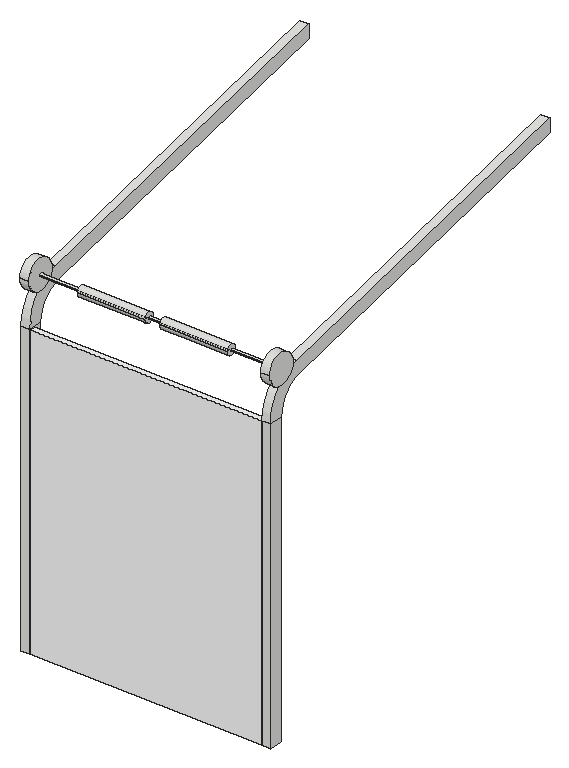
Revit family "Welterweight-XLT-312P", category Generic Models, host Wall, Revit 2026
Family settings
  Host = Wall
  Can host rebar = No
  Round Connector Dimension = Use Diameter
  Part Type = Normal
  Always vertical = Yes
  Cut with Voids When Loaded = Yes
  Maintain Annotation Orientation = No
  Shared = No
  Room Calculation Point = No
Parameters (values of type "8' x 10'")
  VerticalTrack = TrackHeight - (1' 6")  # 10' - 0"
  Type Comments = "Insulated"  # constant formula
  TrackWidth = 0' - 3 1/2"
  TrackHeight = OpeningHeight + HeadRoom  # 11' - 6"
  TrackDepth = 0' - 5 3/8"
  PanelSize = 2' - 0"  # constant formula
  OpeningWidth = 8' - 0"
  OpeningHeight = 10' - 0"
  Model = "Welterweight"  # constant formula
  Manufacturer = "TKO"  # constant formula
  HorizTrack = OpeningHeight - HeadRoom + 2' 0"  # 10' - 6"
  HeadRoom = 1' - 6"  # constant formula
  DoorThk = 0' - 2"  # constant formula
  Description = "Sectional Door"  # constant formula
  Default Elevation = 0' - 0"
Types (16): name | VerticalTrack | TrackHeight | TrackDepth | OpeningWidth | OpeningHeight | HorizTrack
  (no name) | 10' - 0" | 11' - 6" | 0' - 5 3/8" | 8' - 0" | 10' - 0" | 10' - 6"
  8' x 10' | 10' - 0" | 11' - 6" | 0' - 5 3/8" | 8' - 0" | 10' - 0" | 10' - 6"
  9' x 10' | 10' - 0" | 11' - 6" | 0' - 5 3/8" | 9' - 0" | 10' - 0" | 10' - 6"
  10' x 10' | 10' - 0" | 11' - 6" | 0' - 5 3/8" | 10' - 0" | 10' - 0" | 10' - 6"
  10' x 11' | 11' - 0" | 12' - 6" | 0' - 5 5/8" | 10' - 0" | 11' - 0" | 11' - 6"
  9' x 11' | 11' - 0" | 12' - 6" | 0' - 5 3/8" | 9' - 0" | 11' - 0" | 11' - 6"
  8' x 11' | 11' - 0" | 12' - 6" | 0' - 5 3/8" | 8' - 0" | 11' - 0" | 11' - 6"
  10' x 12' | 12' - 0" | 13' - 6" | 0' - 5 3/8" | 10' - 0" | 12' - 0" | 12' - 6"
  8' x 12' | 12' - 0" | 13' - 6" | 0' - 5 3/8" | 8' - 0" | 12' - 0" | 12' - 6"
  9' x 12' | 12' - 0" | 13' - 6" | 0' - 5 3/8" | 9' - 0" | 12' - 0" | 12' - 6"
  10' x 8' | 8' - 0" | 9' - 6" | 0' - 5 3/8" | 10' - 0" | 8' - 0" | 8' - 6"
  10' x 9' | 9' - 0" | 10' - 6" | 0' - 5 3/8" | 10' - 0" | 9' - 0" | 9' - 6"
  8' x 9' | 9' - 0" | 10' - 6" | 0' - 5 3/8" | 8' - 0" | 9' - 0" | 9' - 6"
  8' x 8' | 8' - 0" | 9' - 6" | 0' - 5 3/8" | 8' - 0" | 8' - 0" | 8' - 6"
  9' x 9' | 9' - 0" | 10' - 6" | 0' - 5 3/8" | 9' - 0" | 9' - 0" | 9' - 6"
  9' x 8' | 9' - 0" | 10' - 6" | 0' - 5 3/8" | 9' - 0" | 9' - 0" | 9' - 6"
Reference planes (in)
  plane 1: y = 0
  plane 2 "Center (Left/Right)": x = 0
  plane 3 "Wall Edge": y = 3
  plane 4: x = -48
  plane 5: x = 48
  plane 6: z = 120
  plane 7: y = 3
  plane 8: y = 5
  plane 9: z = 24
  plane 10: z = 48
  plane 11: z = 72
  plane 12: x = -51.5
  plane 13: x = 51.5
  plane 14: y = 8.375
  plane 15: z = 138
  plane 16: z = 96
  plane 17: z = 120
  plane 18: x = -3
  plane 19: x = 3
  plane 20: x = 31
  plane 21: x = -31
  plane 22: z = 120
  plane 23: y = 21
  plane 24: y = 147
  plane 25: y = 12
Forms (in)
  Extrusion 1, void
    sketch origin (0, 3, 0) x (1, 0, 0) y (0, 0, 1)
      loop
        line (48, 120) -> (-48, 120) -> (-48, 0) -> (48, 0) -> (48, 120)
    from 0 to 6
  Extrusion 2, solid, material "DOOR PANEL"
    sketch origin (0, 0, 0) x (1, 0, 0) y (0, 1, 0)
      loop
        line (-48, 5) -> (-48, 3) -> (48, 3) -> (48, 5) -> (-48, 5)
    from 0 to 120
  Extrusion 3, solid, material "Steel"
    sketch origin (0, 0, 0) x (1, 0, 0) y (0, 1, 0)
      loop
        line (-51.5, 8.375) -> (-51.5, 3) -> (-48, 3) -> (-48, 8.375) -> (-51.5, 8.375)
      loop
        line (48, 8.375) -> (48, 3) -> (51.5, 3) -> (51.5, 8.375) -> (48, 8.375)
    from 0 to 120
  Extrusion 4, solid, material "Steel"
    sketch origin (0, 0, 0) x (0, 1, 0) y (0, 0, 1)
      loop
        circle (8.375, 138) r 6
    from 48 to 51.5
  Extrusion 5, solid, material "Steel"
    sketch origin (0, -26.69959, 27.92704) x (0, 1, 0) y (0, 0, -1)
      loop
        circle (35.07459, -110.07296) r 6
    from 48 to 51.5
  Extrusion 6, solid, material "Steel"
    sketch origin (0, 0, 0) x (0, 1, 0) y (0, 0, 1)
      loop
        circle (8.375, 138) r 0.5
    from -48 to 48
  Extrusion 7, solid, material "Steel"
    sketch origin (0, 0, 0) x (0, 1, 0) y (0, 0, 1)
      loop
        circle (8.375, 138) r 2
    from 3 to 31
  Extrusion 8, solid, material "Steel"
    sketch origin (0, 0, 0) x (0, 1, 0) y (0, 0, -1)
      loop
        circle (8.375, -138) r 2
    from 3 to 31
  Extrusion 9, solid, material "Steel"
    sketch origin (0, 0, 0) x (0, 1, 0) y (0, 0, 1)
      loop
        line (3, 120) -> (8.375, 120)
        arc (8.375, 120) -> (11.05136, 127.77273) -> (17.94574, 132.24998) r 12.625
        line (17.94574, 132.24998) -> (147, 164.42683) -> (147, 169.96637) -> (16.64541, 137.46532)
        arc (16.64541, 137.46532) -> (6.81581, 131.08191) -> (3, 120) r 18
    from 48 to 51.5
  Extrusion 10, solid, material "Steel"
    sketch origin (0, 0, 0) x (0, 1, 0) y (0, 0, -1)
      loop
        arc (3, -120) -> (6.81581, -131.08191) -> (16.64541, -137.46532) r 18
        line (16.64541, -137.46532) -> (147, -169.96637) -> (147, -164.42683) -> (17.94574, -132.24998)
        arc (17.94574, -132.24998) -> (11.05136, -127.77273) -> (8.375, -120) r 12.625
        line (8.375, -120) -> (3, -120)
    from 48 to 51.5
Cuts and joins
  joined: Extrusion 3, Extrusion 4, Extrusion 5
Lines and regions (in)
  model lines
    curve 1: line (48, 3, 24) -> (-48, 3, 24)
    curve 2: line (-48, 3, 48) -> (48, 3, 48)
    curve 3: line (48, 3, 72) -> (-48, 3, 72)
    curve 4: line (48, 3, 96) -> (-48, 3, 96)
    curve 5: line (48, 3, 120) -> (-48, 3, 120)
Text (in)
  text "Placement Side" at (0, 40.15149, 123.01588), in view "Right"
  text "Placement Side" at (-70.3804, 83.26548, 0), in view "Ref. Level"
  text "Placement Side" at (0, 81.62555, 140.59947), in view "Left"
Dimensions and locks (in)
  locked: plane 3 "Wall Edge" to host wall
  equal spacing: plane 5, plane 2 "Center (Left/Right)", plane 4
  "OpeningWidth": plane 5 to plane 4
  "DoorThk": plane 7 to plane 8
  "TrackDepth": plane 14 to plane 7
  "TrackWidth": plane 12 to plane 4
  "TrackWidth": plane 5 to plane 13
  "PanelSize": plane 9 to level
  equal spacing: plane 17, plane 16, plane 11, plane 10, plane 9, level
  "OpeningHeight": level to plane 6
  equal spacing: plane 18, plane 2 "Center (Left/Right)", plane 19, locked at 3 each
  locked: plane 21 to plane 18 at 28
  locked: plane 19 to plane 20 at 28
  "VerticalTrack": level to plane 22
  "HeadRoom": plane 6 to plane 15
  locked: plane 7 to plane 23 at 18
  "HorizTrack": plane 24 to plane 23
  locked: plane 7 to plane 25 at 9
  radius of Extrusion 4 sketch curve = 0' - 6"
  radius of Extrusion 5 sketch curve = 0' - 6"
  radius of Extrusion 6 sketch curve = 0' - 0 1/2"
  radius of Extrusion 7 sketch curve = 0' - 2"
  radius of Extrusion 8 sketch curve = 0' - 2"
  radius of Extrusion 9 sketch curve = 1' - 6"
  radius of Extrusion 9 sketch curve = 1' - 0 5/8"
  radius of Extrusion 10 sketch curve = 1' - 6"
  radius of Extrusion 10 sketch curve = 1' - 0 5/8"
  locked: plane 22 to Extrusion 9 sketch curve (angle 14.00°)  (x2)
  aligned and locked: host wall to plane 7
  aligned and locked: Extrusion 1 sketch curve to plane 5
  aligned and locked: Extrusion 1 sketch curve to plane 4
  aligned and locked: Extrusion 1 to plane 7
  aligned and locked: host wall to Extrusion 1
  aligned and locked: Extrusion 2 to plane 3 "Wall Edge"
  aligned and locked: plane 8 to Extrusion 2
  aligned and locked: Extrusion 2 to plane 6
  aligned and locked: Extrusion 3 sketch curve to plane 14  (x2)
  aligned and locked: Extrusion 3 sketch curve to plane 12
  aligned and locked: curve 1 to Extrusion 3 sketch curve
  aligned and locked: plane 5 to Extrusion 3 sketch curve
  aligned and locked: Extrusion 3 sketch curve to plane 7
  aligned and locked: Extrusion 3 sketch curve to plane 13
  aligned and locked: plane 15 to Extrusion 4 sketch curve
  aligned and locked: Extrusion 4 to plane 13
  aligned and locked: Extrusion 4 to plane 5
  aligned and locked: plane 4 to Extrusion 5
  aligned and locked: Extrusion 5 to plane 12
  aligned and locked: curve 2 to plane 10
  aligned and locked: curve 3 to plane 11
  aligned and locked: curve 1 to plane 9
  aligned and locked: plane 5 to Extrusion 6
  aligned and locked: Extrusion 6 to plane 4
  aligned and locked: cut or joined group of Extrusion 3, Extrusion 4, Extrusion 5 to level
  aligned and locked: Extrusion 2 to level
  aligned and locked: curve 4 to plane 16
  aligned and locked: curve 5 to plane 17
  aligned and locked: level to Extrusion 2
  aligned and locked: Extrusion 1 sketch curve to level
  aligned and locked: Extrusion 1 sketch curve to plane 6
  aligned and locked: plane 15 to Extrusion 7 sketch curve
  aligned and locked: plane 14 to Extrusion 7 sketch curve
  aligned and locked: Extrusion 7 to plane 20
  aligned and locked: plane 19 to Extrusion 7
  aligned and locked: Extrusion 8 to plane 18
  aligned and locked: plane 21 to Extrusion 8
  aligned and locked: plane 15 to Extrusion 8 sketch curve
  aligned and locked: plane 14 to Extrusion 8 sketch curve
  aligned and locked: plane 22 to cut or joined group of Extrusion 3, Extrusion 4, Extrusion 5
  aligned and locked: plane 24 to Extrusion 9 sketch curve
  aligned and locked: plane 22 to Extrusion 9 sketch curve
  aligned and locked: plane 13 to Extrusion 9
  aligned and locked: Extrusion 9 to plane 5
  aligned and locked: Extrusion 10 to plane 12
  aligned and locked: plane 4 to Extrusion 10
  aligned and locked: plane 24 to Extrusion 10
  aligned and locked: Extrusion 10 to plane 22
  aligned and locked: Extrusion 9 to Extrusion 10  (x2)
  aligned and locked: Extrusion 9 to plane 22
  aligned and locked: plane 24 to Extrusion 9
  aligned and locked: Extrusion 10 sketch curve to Extrusion 9  (x2)
  aligned and locked: Extrusion 10 sketch curve to plane 24
  aligned and locked: Extrusion 10 sketch curve to plane 22
  aligned and locked: plane 14 to Extrusion 5 sketch curve
  aligned and locked: plane 15 to Extrusion 5 sketch curve
  aligned and locked: Extrusion 2 to plane 4
  aligned and locked: Extrusion 2 to plane 5
  aligned and locked: Extrusion 10 to cut or joined group of Extrusion 3, Extrusion 4, Extrusion 5
Automatic sketch dimensions
  Extrusion 2 sketch curve to host wall = 0' - 0"
  Extrusion 2 sketch curve to plane 4 = 0' - 0"
  plane 5 to Extrusion 2 sketch curve = 0' - 0"
  Extrusion 2 sketch curve to plane 8 = 0' - 0"
  curve 3 to plane 4 = 0' - 0"
  curve 1 to plane 4 = 0' - 0"
  curve 2 to plane 4 = 0' - 0"
  curve 4 to plane 4 = 0' - 0"
  curve 5 to plane 4 = 0' - 0"
  curve 4 to plane 5 = 0' - 0"
  curve 2 to plane 5 = 0' - 0"
  curve 5 to plane 5 = 0' - 0"
  curve 1 to plane 5 = 0' - 0"
  curve 3 to plane 5 = 0' - 0"
  plane 4 to Extrusion 3 sketch curve = 0' - 0"
  plane 13 to Extrusion 3 sketch curve = 0' - 0"
  Extrusion 6 sketch curve to plane 15 = 0' - 0"
  Extrusion 9 sketch curve to Extrusion 9 sketch curve = 0' - 0"
  Extrusion 9 sketch curve to host wall = 0' - 0"
  Extrusion 9 sketch curve to plane 15 = 0' - 0.53468"
  Extrusion 9 sketch curve to plane 23 = 0' - 3.05426"
  Extrusion 10 sketch curve to plane 15 = 0' - 0.53468"
  Extrusion 10 sketch curve to plane 23 = 0' - 3.05426"
  Extrusion 4 sketch curve to plane 14 = 0' - 0"
  Extrusion 6 sketch curve to plane 14 = 0' - 0"
